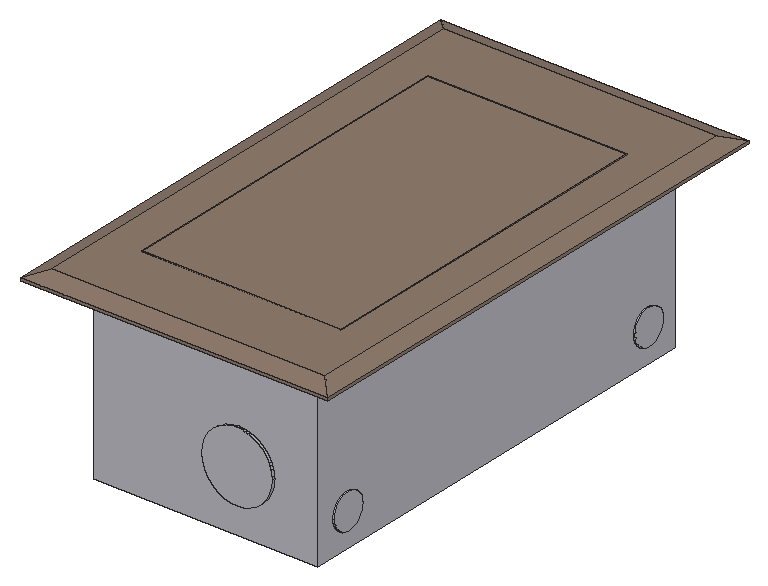
Revit family "Electrical_Equipment-Floor_Box-Hubbell_Wiring-2_Gang_AFB_Deep-AFB2G50", category Electrical Fixtures, host Face, Revit 2015
Parameters (values of type "AFB2G50")
  URL = "http://www.hubbell-wiring.com/"
  Product data url = "https://bimobject.com/hubbellwiring/product/hubbell-afb2g50"
  Product Page URL = "http://ecatalog.hubbell-wiring.com/productinformation/viewcatalog.aspx?Dest=hubbell-wiring.com/press/catalog/O.pdf"
  Product Documentation Link = "http://www.hubbell-wiring.com/DrawingLibrary.aspx/"
  Model = "AFB2G50"  # constant formula
  Manufacturer = "Hubbell-Wiring"  # constant formula
  Device Plate 2 [instance] = Device Plate : FBMP156 - 30A Tiwst Lock opening - 1.56" circular opening
  Device Plate 1 [instance] = Device Plate : FBMP2IM - Two 1U iStation opening
  Description = "2 Gang AFB Floor Box"  # constant formula
  Default Elevation = 0.00"
  Cover Type [instance] = 2AFB : 2GAFBCVRBRZ - Bronze - No Recess
  Conduit Connector_9 Description = "Conduit 1.0in. or 0.75in. Connection"
  Conduit Connector_8 Description = "Conduit 1.0in. or 0.75in. Connection"
  Conduit Connector_7 Description = "Conduit 1.0in. or 0.75in. Connection"
  Conduit Connector_6 Description = "Conduit 0.75in. or 0.5in. Connection"
  Conduit Connector_5 Description = "Conduit 0.75in. or 0.5in. Connection"
  Conduit Connector_4 Description = "Conduit 0.75in. or 0.5in. Connection"
  Conduit Connector_3 Description = "Conduit 0.75in. or 0.5in. Connection"
  Conduit Connector_2 Description = "Conduit 2.0in, 1.50in. or 1.0in. Connection"
  Conduit Connector_10 Description = "Conduit 1.0in. or 0.75in. Connection"
  Conduit Connector_1 Description = "Conduit 2.0in, 1.50in. or 1.0in. Connection"
  Conduit Connector 3 Radius = 0.38"
  Conduit Connector 2 Radius = 0.50"
  Conduit Connector 1 Radius = 1.00"
  Box Material = Metal - Hubbell - Steel
  Assembly Code = "D5020115"
Reference planes (in)
  plane 1 "Center (Front/Back)": y = 0
  plane 2: z = 0
  plane 3 "Center (Left/Right)": x = 0
  plane 4: y = -6.33661
  plane 5: y = 6.33661
  plane 6: x = -3.31
  plane 7: x = 3.31
  plane 8: z = -0.125
  plane 9: z = -5.06
  plane 10: y = -7.03937
  plane 11: y = 7.03937
  plane 12: x = -2.34646
  plane 13: x = 2.34646
  plane 14: z = -0.02657
  plane 15: z = 0.06299
  plane 16: y = 6.27362
  plane 17: z = 0.06299
  plane 18: y = -6.27362
  plane 19: y = 6.27362
  plane 20: y = -6.27362
  plane 21: x = -3.04134
  plane 22: x = 3.04134
  plane 23: y = 5.27953
  plane 24: y = -5.27953
  plane 25: z = -0.07373
  plane 26: y = 6.00591
  plane 27: y = -6.00591
  plane 28: z = -4.56
  plane 29: y = -6.39911
  plane 30: y = 6.39911
  plane 31: z = -3.27
  plane 32: x = 0.9478
  plane 33: y = 5.33661
  plane 34: y = -5.33661
  plane 35: z = -4.06
  plane 36: y = 5.24
  plane 37: y = -5.24
  plane 38: z = -5.1225
  plane 39: z = -3.27
  plane 40: x = 0.9478
  plane 41: x = -1.9915
  plane 42: x = 1.9915
  plane 43: x = -3.185
  plane 44: x = -3.25215
  plane 45: x = 3.185
  plane 46: x = 3.25215
  plane 47: y = 5.33661
  plane 48: y = -5.33661
  plane 49: z = -4.06
Forms (in)
  Extrusion 1, void, detail levels fine
    sketch origin (0, 0, 0) x (1, 0, 0) y (0, 1, 0)
      loop
        line (-3.31, 6.33661) -> (-3.31, -6.33661) -> (3.31, -6.33661) -> (3.31, 6.33661) -> (-3.31, 6.33661)
    from 0 to -5.06
  Extrusion 2, solid, material "Metal - Hubbell - Steel" <- "Box Material"
    sketch origin (0, 0, 0) x (1, 0, 0) y (0, 1, 0)
      loop
        line (-3.185, 6.33661) -> (-3.185, -6.33661) -> (3.185, -6.33661) -> (3.185, 6.33661) -> (-3.185, 6.33661)
    from -0.125 to -5.06
  Extrusion 3, solid, material "Metal - Hubbell - Steel" <- "Box Material"
    sketch origin (0, 0, 0) x (1, 0, 0) y (0, 1, 0)
      loop
        line (-3.31, 6.27362) -> (-3.31, -6.27362) -> (3.31, -6.27362) -> (3.31, 6.27362) -> (-3.31, 6.27362)
    from -0.125 to -0.02657
  Extrusion 4, solid, material "Metal - Hubbell - Steel" <- "Box Material"
    sketch origin (0, 0, 0) x (0, 1, 0) y (0, 0, 1)
      loop
        line (7.03937, 0.06299) -> (6.27362, 0.06299) -> (6.27362, -0.125) -> (6.33661, -0.125) -> (6.33661, 0) -> (7.03937, 0) -> (7.03937, 0.06299)
    from -2.34646 to 2.34646
  Extrusion 5, solid, material "Metal - Hubbell - Steel" <- "Box Material"
    sketch origin (0, 0, 0) x (0, -1, 0) y (0, 0, -1)
      loop
        line (7.03937, -0.06299) -> (7.03937, 0) -> (6.33661, 0) -> (6.33661, 0.125) -> (6.27362, 0.125) -> (6.27362, -0.06299) -> (7.03937, -0.06299)
    from -2.34646 to 2.34646
  Extrusion 6, void
    sketch origin (0, 0, 0) x (1, 0, 0) y (0, 1, 0)
      loop
        line (-3.04134, 5.27953) -> (-3.04134, -5.27953) -> (3.04134, -5.27953) -> (3.04134, 5.27953) -> (-3.04134, 5.27953)
    from 0 to -0.07373
  Extrusion 7, void
    sketch origin (0, 0, 0) x (1, 0, 0) y (0, 1, 0)
      loop
        circle (0, 0) r 0.98425
    from 0 to -0.125
  Extrusion 8, void
    sketch origin (-20.33156, -180, -0.125) x (0, -1, 0) y (-1, 0, 0)
      loop
        line (-186.00591, -17.29023) -> (-186.00591, -23.3729) -> (-173.99409, -23.3729) -> (-173.99409, -17.29023) -> (-186.00591, -17.29023)
    from -0.125 to 4.435
  Extrusion 9, solid, material "Metal - Hubbell - Steel" <- "Box Material", detail levels medium+fine
    sketch origin (-6.04568, 6.33661, 48) x (-1, 0, 0) y (0, 0, -1)
      loop
        circle (-6.99348, 51.27) r 1
    from 0 to -0.0625
  Extrusion 10, solid, material "Metal - Hubbell - Steel" <- "Box Material", detail levels medium+fine
    sketch origin (3.185, 2.078, 45.5078) x (0, -1, 0) y (0, 0, -1)
      loop
        circle (-3.25862, 49.5678) r 0.5
      loop
        circle (7.41461, 49.5678) r 0.5
    from 0 to 0.06715
  Extrusion 11, solid, material "Metal - Hubbell - Steel" <- "Box Material", detail levels medium+fine
    sketch origin (-20.33156, -180, -5.06) x (-1, 0, 0) y (0, -1, 0)
      loop
        circle (-18.34006, -185.24) r 0.38
      loop
        circle (-18.34006, -174.76) r 0.38
      loop
        circle (-22.32306, -185.24) r 0.38
      loop
        circle (-22.32306, -174.76) r 0.38
    from 0 to -0.0625
  Extrusion 12, solid, material "Metal - Hubbell - Steel" <- "Box Material", detail levels medium+fine
    sketch origin (-6.04568, -6.33661, 48) x (-1, 0, 0) y (0, 0, 1)
      loop
        circle (-6.99348, -51.27) r 1
    from 0 to -0.0625
  Extrusion 13, solid, material "Metal - Hubbell - Steel" <- "Box Material", detail levels medium+fine
    sketch origin (-3.185, 2.078, 45.5078) x (0, -1, 0) y (0, 0, 1)
      loop
        circle (-3.25862, -49.5678) r 0.5
      loop
        circle (7.41461, -49.5678) r 0.5
    from 0 to 0.06715
Cuts and joins
  Extrusion 6, Extrusion 7 cuts Extrusion 3
  Extrusion 8 cuts Extrusion 2
Lines and regions (in)
  reference lines
    curve 1: arc (0.98425, 0, 0) -> (0, 0.98425, 0) -> (-0.98425, 0, 0) r 0.98425
    curve 2: arc (-0.98425, 0, 0) -> (0, -0.98425, 0) -> (0.98425, 0, 0) r 0.98425
  symbolic lines
    curve 3: line (-3.31, 0, -0.125) -> (-3.185, 0, -0.125)
    curve 4: line (-3.185, 0, -5.06) -> (-3.185, 0, -0.125)
    curve 5: line (3.185, 0, -5.06) -> (-3.185, 0, -5.06)
    curve 6: line (3.185, 0, -0.125) -> (3.185, 0, -5.06)
    curve 7: line (0, 6.33661, 0) -> (0, -6.33661, 0)
    curve 8: line (0, 6.33661, -5.06) -> (0, 6.33661, 0)
    curve 9: line (0, -6.33661, -5.06) -> (0, 6.33661, -5.06)
    curve 10: line (0, -6.33661, 0) -> (0, -6.33661, -5.06)
    curve 11: line (-3.31, 0, -0.125) -> (-3.31, 0, 0)
    curve 12: line (-3.31, 0, 0) -> (3.31, 0, 0)
    curve 13: line (3.31, 0, 0) -> (3.31, 0, -0.125)
    curve 14: line (3.185, 0, -0.125) -> (3.31, 0, -0.125)
Dimensions and locks (in)
  equal spacing: plane 4, plane 1 "Center (Front/Back)", plane 5
  locked: plane 4 to plane 5 at 12.67323
  equal spacing: plane 6, plane 3 "Center (Left/Right)", plane 7
  locked: plane 6 to plane 7 at 6.62
  plane 2 to plane 8 = 0.125"
  locked: plane 2 to plane 9 at 5.06
  equal spacing: plane 10, plane 1 "Center (Front/Back)", plane 11
  locked: plane 10 to plane 11 at 14.07874
  equal spacing: plane 12, plane 3 "Center (Left/Right)", plane 13
  locked: plane 12 to plane 13 at 4.69291
  locked: plane 14 to plane 8 at 0.09843
  equal spacing: plane 21, plane 3 "Center (Left/Right)", plane 22
  locked: plane 21 to plane 22 at 6.08268
  equal spacing: plane 24, plane 1 "Center (Front/Back)", plane 23
  locked: plane 24 to plane 23 at 10.55906
  locked: plane 2 to plane 25 at 0.07373
  equal spacing: plane 27, plane 1 "Center (Front/Back)", plane 26
  locked: plane 27 to plane 26 at 12.01181
  locked: plane 28 to plane 9 at 0.5
  locked: plane 4 to plane 29 at 0.0625
  locked: plane 30 to plane 5 at 0.0625
  locked: plane 31 to plane 9 at 1.79
  locked: plane 7 to plane 32 at 2.3622
  locked: plane 5 to plane 33 at 1
  locked: plane 34 to plane 4 at 1
  equal spacing: plane 36, plane 1 "Center (Front/Back)", plane 37
  locked: plane 36 to plane 37 at 10.48
  locked: plane 9 to plane 38 at 0.0625
  locked: plane 35 to plane 9 at 1
  locked: plane 7 to plane 40 at 2.3622
  locked: plane 39 to plane 9 at 1.79
  locked: plane 6 to plane 43 at 0.125
  locked: plane 44 to plane 43 at 0.06715
  locked: plane 7 to plane 45 at 0.125
  locked: plane 46 to plane 45 at 0.06715
  locked: plane 49 to plane 9 at 1
  locked: plane 5 to plane 47 at 1
  locked: plane 48 to plane 4 at 1
  locked: plane 41 to plane 42 at 3.983
  equal spacing: plane 41, plane 3 "Center (Left/Right)", plane 42
  locked: plane 5 to plane 16 at 0.06299
  "Conduit Connector 2 Radius": radius of Extrusion 10 sketch curve  (x2)
  "Conduit Connector 1 Radius": radius of Extrusion 9 sketch curve
  "Conduit Connector 1 Radius": radius of Extrusion 12 sketch curve
  "Conduit Connector 3 Radius": radius of Extrusion 11 sketch curve  (x4)
  "Conduit Connector 2 Radius": radius of Extrusion 13 sketch curve  (x2)
  aligned and locked: host face to plane 2
  aligned and locked: level to host face
  aligned: level to Extrusion 1
  aligned and locked: host face to Extrusion 1
  aligned and locked: Extrusion 1 to plane 5
  aligned and locked: Extrusion 1 to plane 4
  aligned and locked: plane 6 to Extrusion 1
  aligned and locked: plane 7 to Extrusion 1
  aligned and locked: plane 8 to Extrusion 2
  aligned and locked: Extrusion 2 to plane 9
  aligned and locked: Extrusion 3 to Extrusion 2
  aligned and locked: plane 14 to Extrusion 3
  aligned and locked: plane 2 to Extrusion 4 sketch curve
  aligned and locked: plane 15 to Extrusion 4 sketch curve
  aligned and locked: Extrusion 5 sketch curve to plane 17
  aligned and locked: Extrusion 5 sketch curve to plane 2
  aligned and locked: Extrusion 5 sketch curve to plane 4
  aligned and locked: Extrusion 5 sketch curve to plane 10
  aligned and locked: Extrusion 5 sketch curve to plane 18
  aligned and locked: Extrusion 1 to Extrusion 2
  aligned and locked: Extrusion 5 sketch curve to plane 8
  aligned and locked: plane 6 to Extrusion 3
  aligned and locked: plane 7 to Extrusion 3
  aligned and locked: plane 5 to Extrusion 2 sketch curve
  aligned and locked: plane 4 to Extrusion 2 sketch curve
  aligned and locked: plane 20 to Extrusion 3 sketch curve
  aligned and locked: Extrusion 3 sketch curve to plane 19
  aligned and locked: plane 12 to Extrusion 5
  aligned and locked: plane 13 to Extrusion 5
  aligned and locked: plane 23 to Extrusion 6 sketch curve
  aligned and locked: plane 24 to Extrusion 6 sketch curve
  aligned and locked: cut or joined group of Extrusion 3, Extrusion 6, Extrusion 7 to plane 25
  aligned and locked: Extrusion 7 to plane 8
  aligned and locked: plane 26 to Extrusion 8 sketch curve
  aligned and locked: Extrusion 8 sketch curve to plane 21
  aligned and locked: plane 27 to Extrusion 8 sketch curve
  aligned and locked: Extrusion 8 sketch curve to plane 22
  aligned and locked: cut or joined group of Extrusion 2, Extrusion 8 to plane 28
  aligned and locked: curve 1 to cut or joined group of Extrusion 3, Extrusion 6, Extrusion 7
  aligned and locked: curve 2 to cut or joined group of Extrusion 3, Extrusion 6, Extrusion 7
  aligned and locked: level to Extrusion 7
  aligned and locked: plane 32 to Extrusion 9 sketch curve
  aligned and locked: Extrusion 9 sketch curve to plane 31
  aligned and locked: plane 5 to Extrusion 9
  aligned and locked: Extrusion 9 to plane 30
  aligned and locked: plane 34 to Extrusion 10 sketch curve
  aligned and locked: Extrusion 10 sketch curve to plane 35  (x2)
  aligned and locked: Extrusion 5 to plane 10
  aligned and locked: plane 37 to Extrusion 11 sketch curve  (x2)
  aligned and locked: Extrusion 11 to plane 38
  aligned and locked: plane 40 to Extrusion 12 sketch curve
  aligned and locked: plane 39 to Extrusion 12 sketch curve
  aligned and locked: plane 4 to Extrusion 12
  aligned and locked: Extrusion 12 to plane 29
  aligned and locked: plane 41 to Extrusion 11 sketch curve  (x2)
  aligned and locked: plane 36 to Extrusion 11 sketch curve  (x2)
  aligned and locked: plane 42 to Extrusion 11 sketch curve  (x2)
  aligned and locked: plane 9 to curve 5
  aligned and locked: curve 9 to plane 9
  aligned and locked: curve 10 to plane 4
  aligned and locked: Extrusion 2 sketch curve to plane 43
  aligned and locked: Extrusion 2 sketch curve to plane 45
  aligned and locked: curve 4 to plane 43
  aligned and locked: curve 6 to plane 45
  aligned and locked: curve 3 to plane 8
  aligned and locked: curve 13 to plane 7
  aligned and locked: curve 12 to plane 2
  aligned and locked: curve 11 to plane 6
  aligned and locked: Extrusion 10 to cut or joined group of Extrusion 2, Extrusion 8
  aligned and locked: plane 46 to Extrusion 10
  aligned and locked: Extrusion 13 sketch curve to plane 48
  aligned and locked: plane 49 to Extrusion 13 sketch curve  (x2)
  aligned and locked: Extrusion 13 to cut or joined group of Extrusion 2, Extrusion 8
  aligned and locked: plane 44 to Extrusion 13
  aligned and locked: Extrusion 6 sketch curve to plane 21
  aligned and locked: Extrusion 6 sketch curve to plane 22
  aligned and locked: plane 3 "Center (Left/Right)" to nested 1
  aligned and locked: plane 1 "Center (Front/Back)" to nested 1
  aligned and locked: plane 2 to Extrusion 6
  aligned and locked: plane 2 to Extrusion 8
  aligned and locked: plane 11 to Extrusion 4 sketch curve
  aligned and locked: plane 8 to Extrusion 4 sketch curve
  aligned and locked: plane 5 to Extrusion 4 sketch curve
  aligned and locked: plane 16 to Extrusion 4 sketch curve
  aligned and locked: plane 12 to Extrusion 4
  aligned and locked: plane 13 to Extrusion 4
  aligned and locked: plane 9 to Extrusion 11
Automatic sketch dimensions
  host sketch curve to host sketch curve = 96.00"  (x2)
  Extrusion 1 sketch curve to plane 4 = 0.00"
  Extrusion 1 sketch curve to plane 6 = 0.00"
  Extrusion 1 sketch curve to plane 7 = 0.00"
  plane 5 to Extrusion 1 sketch curve = 0.00"
  plane 1 "Center (Front/Back)" to Extrusion 7 sketch curve = 0.00"
  Extrusion 7 sketch curve to plane 3 "Center (Left/Right)" = 0.00"
  curve 1 to curve 2 = 0.00"  (x2)
  plane 1 "Center (Front/Back)" to curve 2 = 0.00"
  curve 2 to plane 3 "Center (Left/Right)" = 0.00"
  curve 1 to curve 1 = 0.98425"
  curve 6 to plane 8 = 0.00"
  Extrusion 3 sketch curve to plane 6 = 0.00"
  Extrusion 3 sketch curve to plane 7 = 0.00"
  curve 9 to plane 5 = 0.00"
  curve 8 to level = 0.00"
  Extrusion 10 sketch curve to plane 33 = 0.00"
  Extrusion 13 sketch curve to plane 47 = 0.00"
  radius of Extrusion 7 sketch curve = 0.98425"
Nested families (in)
  nested 1: "2AFB" at (0, 0, 0.06299), type <- "Cover Type", type "2GAFBCVRBRZ - Bronze - No Recess"
    with Recess Cover no
Connectors (in)
  cabletrayconduit at (0.9478, -6.39911, -3.27), diameter 2, driven by "Conduit Connector 1 Radius", driven by "Conduit Connector_1 Description"
    settings: on Extrusion 12, index 1, connector width 12.00", connector height 12.00", connector angle 0.00°, system type 32, placement type 0, profile type 0, connector reference index -1, is primary connector yes, connector utility param no, connector description "Conduit 2.0in, 1.50in. or 1.0in. Connection"
  cabletrayconduit at (0.9478, 6.39911, -3.27), diameter 2, driven by "Conduit Connector 1 Radius", driven by "Conduit Connector_2 Description"
    settings: on Extrusion 9, index 2, connector width 12.00", connector height 12.00", connector angle 0.00°, system type 32, placement type 0, profile type 0, connector reference index -1, is primary connector no, connector utility param no, connector description "Conduit 2.0in, 1.50in. or 1.0in. Connection"
  cabletrayconduit at (3.25215, -5.33661, -4.06), diameter 1, driven by "Conduit Connector 2 Radius", driven by "Conduit Connector_3 Description"
    settings: on Extrusion 10, index 3, connector width 12.00", connector height 12.00", connector angle 0.00°, system type 32, placement type 0, profile type 0, connector reference index -1, is primary connector no, connector utility param no, connector description "Conduit 0.75in. or 0.5in. Connection"
  cabletrayconduit at (3.25215, 5.33661, -4.06), diameter 1, driven by "Conduit Connector 2 Radius", driven by "Conduit Connector_4 Description"
    settings: on Extrusion 10, index 4, connector width 12.00", connector height 12.00", connector angle 0.00°, system type 32, placement type 0, profile type 0, connector reference index -1, is primary connector no, connector utility param no, connector description "Conduit 0.75in. or 0.5in. Connection"
  cabletrayconduit at (-3.25215, -5.33661, -4.06), diameter 1, driven by "Conduit Connector 2 Radius", driven by "Conduit Connector_5 Description"
    settings: on Extrusion 13, index 5, connector width 12.00", connector height 12.00", connector angle 0.00°, system type 32, placement type 0, profile type 0, connector reference index -1, is primary connector no, connector utility param no, connector description "Conduit 0.75in. or 0.5in. Connection"
  cabletrayconduit at (-3.25215, 5.33661, -4.06), diameter 1, driven by "Conduit Connector 2 Radius", driven by "Conduit Connector_6 Description"
    settings: on Extrusion 13, index 6, connector width 12.00", connector height 12.00", connector angle 0.00°, system type 32, placement type 0, profile type 0, connector reference index -1, is primary connector no, connector utility param no, connector description "Conduit 0.75in. or 0.5in. Connection"
  cabletrayconduit at (1.9915, 5.24, -5.1225), diameter 0.76, driven by "Conduit Connector 3 Radius", driven by "Conduit Connector_7 Description"
    settings: on Extrusion 11, index 7, connector width 12.00", connector height 12.00", connector angle 0.00°, system type 32, placement type 0, profile type 0, connector reference index -1, is primary connector no, connector utility param no, connector description "Conduit 1.0in. or 0.75in. Connection"
  cabletrayconduit at (-1.9915, 5.24, -5.1225), diameter 0.76, driven by "Conduit Connector 3 Radius", driven by "Conduit Connector_8 Description"
    settings: on Extrusion 11, index 8, connector width 12.00", connector height 12.00", connector angle 0.00°, system type 32, placement type 0, profile type 0, connector reference index -1, is primary connector no, connector utility param no, connector description "Conduit 1.0in. or 0.75in. Connection"
  cabletrayconduit at (1.9915, -5.24, -5.1225), diameter 0.76, driven by "Conduit Connector 3 Radius", driven by "Conduit Connector_9 Description"
    settings: on Extrusion 11, index 9, connector width 12.00", connector height 12.00", connector angle 0.00°, system type 32, placement type 0, profile type 0, connector reference index -1, is primary connector no, connector utility param no, connector description "Conduit 1.0in. or 0.75in. Connection"
  cabletrayconduit at (-1.9915, -5.24, -5.1225), diameter 0.76, driven by "Conduit Connector 3 Radius", driven by "Conduit Connector_10 Description"
    settings: on Extrusion 11, index 10, connector width 12.00", connector height 12.00", connector angle 0.00°, system type 32, placement type 0, profile type 0, connector reference index -1, is primary connector no, connector utility param no, connector description "Conduit 1.0in. or 0.75in. Connection"
Definition of nested family "2AFB"
  Parameters
    URL = "http://www.hubbell-wiring.com/"
    Recess Cover = yes
    Product Page URL = ""
    Product Documentation Link = ""
    Model = "2GAFBCVRBRSC"
    Manufacturer = "Hubbell-Wiring"  # constant formula
    Description = "2 Gang AFB Cover Assy."  # constant formula
    Default Elevation = 0.00"
    Cover Material = none
    Assembly Code = "D5020115"
  Reference planes (in)
    plane 1 "Center (Front/Back)": y = 0
    plane 2: z = 0
    plane 3 "Center (Left/Right)": x = 0
    plane 4: x = -2.835
    plane 5: x = 2.835
    plane 6: y = 5.08
    plane 7: y = -5.08
    plane 8: z = 0.24
    plane 9: x = 4.37
    plane 10: x = -4.37
    plane 11: y = 7.46
    plane 12: y = -7.46
    plane 13: x = -2.71
    plane 14: x = 2.71
    plane 15: y = 4.955
    plane 16: y = -4.955
    plane 17: z = -0.25
    plane 18: x = -3.87
    plane 19: x = 3.87
    plane 20: y = 6.96
    plane 21: y = -6.96
    plane 22: x = -1.625
    plane 23: y = 2.145
    plane 24: y = -2.145
    plane 25: x = 1.625
    plane 26: x = -1.07
    plane 27: x = 1.07
    plane 28: y = 3.22
    plane 29: y = -3.22
  Forms (in)
    Extrusion 1, solid
      sketch origin (0, 0, 0) x (1, 0, 0) y (0, 1, 0)
        loop
          line (-48, 48) -> (-48, -48) -> (48, -48) -> (48, 48) -> (-48, 48)
      from 0 to -12
    Extrusion 2, solid, material <- "Cover Material"
      sketch origin (1.015, -1.61, 0) x (1, 0, 0) y (0, 1, 0)
        loop
          line (-3.85, 6.69) -> (-3.85, -3.47) -> (1.82, -3.47) -> (1.82, 6.69) -> (-3.85, 6.69)
      from 0 to 0.24
    Extrusion 3, solid, material <- "Cover Material"
      sketch origin (0, 0, 0) x (1, 0, 0) y (0, 1, 0)
        loop
          line (-2.835, 5.08) -> (-2.835, -5.08) -> (2.835, -5.08) -> (2.835, 5.08) -> (-2.835, 5.08)
        loop
          line (-3.87, 6.96) -> (-3.87, -6.96) -> (3.87, -6.96) -> (3.87, 6.96) -> (-3.87, 6.96)
      from 0 to 0.24
    Extrusion 4, solid, material <- "Cover Material"
      sketch origin (0, 0, 0) x (1, 0, 0) y (0, 1, 0)
        loop
          line (-2.835, 5.08) -> (-2.835, -5.08) -> (2.835, -5.08) -> (2.835, 5.08) -> (-2.835, 5.08)
        loop
          line (-2.71, 4.955) -> (-2.71, -4.955) -> (2.71, -4.955) -> (2.71, 4.955) -> (-2.71, 4.955)
      from 0 to -0.25
    Sweep 5, solid, material <- "Cover Material"
      path origin (0, 0, 0) x (1, 0, 0) y (0, 1, 0)
        loop
          line (-4.37, 7.46) -> (-4.37, -7.46) -> (4.37, -7.46) -> (4.37, 7.46) -> (-4.37, 7.46)
      profile origin (-4.37, 0, 0) x (-1, 0, 0) y (0, 0, 1)
        loop
          line (0, 0) -> (0, 0.07409) -> (-0.5, 0.24) -> (-0.5, 0) -> (0, 0)
  Cuts and joins
    joined: Extrusion 3, Sweep 5
  Lines and regions (in)
    symbolic lines
      curve 1: line (-4.37, 7.46, 0) -> (4.37, 7.46, 0)
      curve 2: line (-4.37, -7.46, 0) -> (-4.37, 7.46, 0)
      curve 3: line (4.37, -7.46, 0) -> (-4.37, -7.46, 0)
      curve 4: line (4.37, 7.46, 0) -> (4.37, -7.46, 0)
      curve 9: line (-3.87, 0, 0.24) -> (3.87, 0, 0.24)
      curve 10: line (4.37, 0, 0) -> (-4.37, 0, 0)
      curve 11: line (2.835, 0, -0.25) -> (-2.835, 0, -0.25)
      curve 12: line (2.835, 0, 0) -> (2.835, 0, -0.25)
      curve 13: line (-2.835, 0, -0.25) -> (-2.835, 0, 0)
      curve 14: line (0, 6.96, 0.24) -> (0, -6.96, 0.24)
      curve 15: line (0, -7.46, 0) -> (0, 7.46, 0)
      curve 16: line (0, 5.08, -0.25) -> (0, 5.08, 0)
      curve 17: line (0, -5.08, -0.25) -> (0, 5.08, -0.25)
      curve 18: line (0, -5.08, 0) -> (0, -5.08, -0.25)
      curve 48: line (4.37, 0, 0) -> (4.37, 0, 0.07164)
      curve 49: line (-4.37, 0, 0.07409) -> (-4.37, 0, 0)
      curve 51: line (-3.87, 0, 0.24) -> (-4.37, 0, 0.07409)
      curve 52: line (3.87, 0, 0.24) -> (4.37, 0, 0.07164)
      curve 53: line (0, -7.46, 0.07409) -> (0, -7.46, 0)
      curve 54: line (0, 7.46, 0) -> (0, 7.46, 0.07409)
      curve 57: line (0, -6.96, 0.24) -> (0, -7.46, 0.07409)
      curve 58: line (0, 7.46, 0.07409) -> (0, 6.96, 0.24)
    symbolic lines, detail levels medium+fine
      curve 5: line (-2.835, 5.08, 0) -> (2.835, 5.08, 0)
      curve 6: line (-2.835, -5.08, 0) -> (-2.835, 5.08, 0)
      curve 7: line (2.835, -5.08, 0) -> (-2.835, -5.08, 0)
      curve 8: line (2.835, 5.08, 0) -> (2.835, -5.08, 0)
      curve 36: line (-2.835, 2.145, 0) -> (-1.875, 2.145, 0)
      curve 37: arc (-1.875, 2.145, 0) -> (-1.69822, 2.07178, 0) -> (-1.625, 1.895, 0) r 0.25
      curve 38: line (-1.625, 1.895, 0) -> (-1.625, -1.895, 0)
      curve 39: arc (-1.625, -1.895, 0) -> (-1.69822, -2.07178, 0) -> (-1.875, -2.145, 0) r 0.25
      curve 40: line (-1.875, -2.145, 0) -> (-2.835, -2.145, 0)
      curve 41: line (-2.835, -2.145, 0) -> (-2.835, 2.145, 0)
      curve 42: line (2.835, 2.145, 0) -> (1.875, 2.145, 0)
      curve 43: arc (1.875, 2.145, 0) -> (1.69822, 2.07178, 0) -> (1.625, 1.895, 0) r 0.25
      curve 44: line (1.625, 1.895, 0) -> (1.625, -1.895, 0)
      curve 45: arc (1.625, -1.895, 0) -> (1.69822, -2.07178, 0) -> (1.875, -2.145, 0) r 0.25
      curve 46: line (1.875, -2.145, 0) -> (2.835, -2.145, 0)
      curve 47: line (2.835, -2.145, 0) -> (2.835, 2.145, 0)
    reference lines
      curve 19: line (-3.47385, 0, 0.37145) -> (-4.78257, 0, -0.06281)
      curve 26: arc (-1.875, 2.145, 0) -> (-1.69822, 2.07178, 0) -> (-1.625, 1.895, 0) r 0.25
      curve 27: arc (-1.875, -2.145, 0) -> (-1.69822, -2.07178, 0) -> (-1.625, -1.895, 0) r 0.25
      curve 34: arc (1.875, 2.145, 0) -> (1.69822, 2.07178, 0) -> (1.625, 1.895, 0) r 0.25
      curve 35: arc (1.875, -2.145, 0) -> (1.69822, -2.07178, 0) -> (1.625, -1.895, 0) r 0.25
      curve 50: line (3.64939, 0, 0.31428) -> (4.69157, 0, -0.03664)
      curve 55: line (0, -6.79254, 0.29557) -> (0, -7.55546, 0.04241)
      curve 56: line (0, 7.56971, 0.03768) -> (0, 6.76785, 0.30376)
    model lines, detail levels medium+fine
      curve 20: line (-2.835, 2.145, 0.24) -> (-1.875, 2.145, 0.24)
      curve 21: line (-2.835, -2.145, 0.24) -> (-2.835, 2.145, 0.24)
      curve 22: line (-1.875, -2.145, 0.24) -> (-2.835, -2.145, 0.24)
      curve 23: line (-1.625, 1.895, 0.24) -> (-1.625, -1.895, 0.24)
      curve 24: arc (-1.875, 2.145, 0.24) -> (-1.69822, 2.07178, 0.24) -> (-1.625, 1.895, 0.24) r 0.25
      curve 25: arc (-1.875, -2.145, 0.24) -> (-1.69822, -2.07178, 0.24) -> (-1.625, -1.895, 0.24) r 0.25
      curve 28: line (2.835, 2.145, 0.24) -> (1.875, 2.145, 0.24)
      curve 29: line (2.835, -2.145, 0.24) -> (2.835, 2.145, 0.24)
      curve 30: line (1.875, -2.145, 0.24) -> (2.835, -2.145, 0.24)
      curve 31: line (1.625, 1.895, 0.24) -> (1.625, -1.895, 0.24)
      curve 32: arc (1.875, 2.145, 0.24) -> (1.69822, 2.07178, 0.24) -> (1.625, 1.895, 0.24) r 0.25
      curve 33: arc (1.875, -2.145, 0.24) -> (1.69822, -2.07178, 0.24) -> (1.625, -1.895, 0.24) r 0.25
    model lines, visible <- "Recess Cover", detail levels medium+fine
      curve 59: line (-1.07, 3.22, 0.24) -> (1.07, 3.22, 0.24)
      curve 60: line (-1.07, -3.22, 0.24) -> (-1.07, 3.22, 0.24)
      curve 61: line (1.07, -3.22, 0.24) -> (-1.07, -3.22, 0.24)
      curve 62: line (1.07, 3.22, 0.24) -> (1.07, -3.22, 0.24)
  Dimensions and locks (in)
    equal spacing: plane 4, plane 3 "Center (Left/Right)", plane 5
    locked: plane 4 to plane 5 at 5.67
    equal spacing: plane 7, plane 1 "Center (Front/Back)", plane 6
    locked: plane 7 to plane 6 at 10.16
    locked: plane 8 to plane 2 at 0.24
    equal spacing: plane 10, plane 3 "Center (Left/Right)", plane 9
    locked: plane 10 to plane 9 at 8.74
    equal spacing: plane 12, plane 1 "Center (Front/Back)", plane 11
    locked: plane 11 to plane 12 at 14.92
    locked: plane 4 to plane 13 at 0.125
    locked: plane 14 to plane 5 at 0.125
    locked: plane 15 to plane 6 at 0.125
    locked: plane 16 to plane 7 at 0.125
    locked: plane 2 to plane 17 at 0.25
    locked: plane 10 to plane 18 at 0.5
    locked: plane 19 to plane 9 at 0.5
    locked: plane 20 to plane 11 at 0.5
    locked: plane 21 to plane 12 at 0.5
    locked: plane 4 to plane 22 at 1.21
    equal spacing: plane 24, plane 1 "Center (Front/Back)", plane 23
    locked: plane 24 to plane 23 at 4.29
    locked: plane 25 to plane 5 at 1.21
    equal spacing: plane 26, plane 3 "Center (Left/Right)", plane 27
    locked: plane 26 to plane 27 at 2.14
    equal spacing: plane 29, plane 1 "Center (Front/Back)", plane 28
    locked: plane 29 to plane 28 at 6.44
    aligned and locked: plane 2 to Extrusion 1
    aligned and locked: level to Extrusion 1
    aligned and locked: plane 6 to Extrusion 2 sketch curve
    aligned and locked: Extrusion 2 sketch curve to plane 4
    aligned and locked: plane 7 to Extrusion 2 sketch curve
    aligned and locked: Extrusion 2 sketch curve to plane 5
    aligned and locked: plane 8 to Extrusion 2
    aligned and locked: plane 8 to Extrusion 3
    aligned and locked: Extrusion 3 to plane 2
    aligned and locked: Extrusion 2 to plane 2
    aligned and locked: plane 15 to Extrusion 4 sketch curve
    aligned and locked: Extrusion 4 sketch curve to plane 13
    aligned and locked: plane 16 to Extrusion 4 sketch curve
    aligned and locked: Extrusion 4 sketch curve to plane 14
    aligned and locked: Extrusion 4 to plane 17
    aligned and locked: plane 2 to Extrusion 4
    aligned and locked: plane 11 to curve 1
    aligned and locked: curve 2 to plane 10
    aligned and locked: plane 12 to curve 3
    aligned and locked: curve 4 to plane 9
    aligned and locked: plane 20 to Extrusion 3 sketch curve
    aligned and locked: Extrusion 3 sketch curve to plane 19
    aligned and locked: plane 21 to Extrusion 3 sketch curve
    aligned and locked: Extrusion 3 sketch curve to plane 18
    aligned and locked: plane 2 to Sweep 5 sketch curve
    aligned and locked: Sweep 5 sketch curve to plane 10
    aligned and locked: plane 18 to Sweep 5 sketch curve
    aligned and locked: Sweep 5 sketch curve to curve 19
    aligned and locked: plane 23 to curve 20
    aligned and locked: curve 26 to curve 24
    aligned and locked: curve 27 to curve 25
    aligned and locked: curve 28 to plane 23
    aligned and locked: plane 5 to curve 29
    aligned and locked: curve 34 to curve 32
    aligned and locked: curve 35 to curve 33
    aligned and locked: curve 21 to plane 4
    aligned and locked: curve 36 to curve 20
    aligned and locked: curve 37 to curve 24
    aligned and locked: curve 41 to curve 21
    aligned and locked: curve 39 to curve 25
    aligned and locked: curve 42 to curve 28
    aligned and locked: curve 43 to curve 32
    aligned and locked: curve 45 to curve 33
    aligned and locked: curve 47 to curve 29
    aligned and locked: curve 48 to cut or joined group of Extrusion 3, Sweep 5
    aligned and locked: curve 49 to cut or joined group of Extrusion 3, Sweep 5
    aligned and locked: curve 53 to cut or joined group of Extrusion 3, Sweep 5
    aligned and locked: curve 54 to cut or joined group of Extrusion 3, Sweep 5
    aligned and locked: curve 55 to curve 57
    aligned and locked: curve 56 to curve 58
    aligned and locked: curve 50 to curve 52
    aligned and locked: curve 19 to curve 51
    aligned and locked: curve 9 to plane 8
    aligned and locked: plane 2 to curve 10
    aligned and locked: plane 17 to curve 11
    aligned and locked: curve 14 to plane 8
    aligned and locked: Extrusion 3 sketch curve to plane 4
    aligned and locked: plane 7 to Extrusion 3 sketch curve
    aligned and locked: plane 6 to Extrusion 3 sketch curve
    aligned and locked: Extrusion 3 sketch curve to plane 5
    aligned and locked: plane 7 to Extrusion 4 sketch curve
    aligned and locked: Extrusion 4 sketch curve to plane 4
    aligned and locked: Extrusion 4 sketch curve to plane 5
    aligned and locked: plane 6 to Extrusion 4 sketch curve
    aligned and locked: plane 28 to curve 59
    aligned and locked: curve 60 to plane 26
    aligned and locked: plane 29 to curve 61
    aligned and locked: curve 62 to plane 27
    aligned and locked: curve 13 to plane 4
    aligned and locked: curve 12 to plane 5
    aligned and locked: plane 6 to curve 16
    aligned and locked: plane 7 to curve 18
    aligned and locked: plane 7 to curve 7
  Automatic sketch dimensions
    Extrusion 1 sketch curve to Extrusion 1 sketch curve = 96.00"  (x2)
    Sweep 5 sketch curve to plane 9 = 0.00"
    plane 11 to Sweep 5 sketch curve = 0.00"
    Sweep 5 sketch curve to plane 10 = 0.00"
    Sweep 5 sketch curve to plane 12 = 0.00"
    plane 10 to curve 19 = 0.41257"
    plane 8 to curve 19 = 0.13145"
    curve 19 to plane 18 = 0.39615"
    plane 8 to curve 50 = 0.07428"
    curve 50 to plane 19 = 0.22061"
    curve 50 to level = 0.03664"
    plane 9 to curve 50 = 0.32157"
    level to curve 55 = 0.04241"
    curve 55 to plane 12 = 0.09546"
    plane 8 to curve 55 = 0.05557"
    plane 21 to curve 55 = 0.16746"
    plane 8 to curve 56 = 0.06376"
    plane 20 to curve 56 = 0.19215"
    level to curve 56 = 0.03768"
    curve 56 to plane 11 = 0.10971"
    curve 17 to plane 17 = 0.00"
    curve 16 to level = 0.00"
    curve 19 to level = 0.06281"
    curve 5 to plane 4 = 0.00"
    curve 8 to plane 5 = 0.00"
    plane 6 to curve 6 = 0.00"
